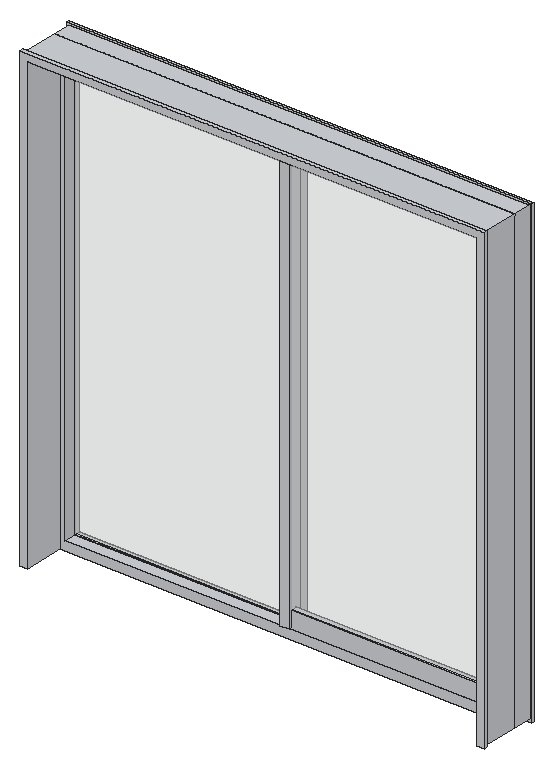
Revit family "APL Residential Thermal Heart Sliding Door SF", category Doors, host Wall, Revit 2017
Family settings
  Host = Wall
  OmniClass Number = 23.30.10.00
  OmniClass Title = Doors
  Always vertical = Yes
  Cut with Voids When Loaded = No
  Shared = No
  Room Calculation Point = No
Parameters (values of type "Architrave")
  Rough Width = 2500 mm
  Rough Height = 2500 mm
  Rebate Height [instance] = 69.5 mm
  Rebate [instance] = yes
  Liner Sill = yes
  Liner Head = yes
  Liner End [instance] = 10 mm
  Liner [instance] = 106.7 mm
  Jamb Liner 2 = yes
  Jamb Liner 1 = yes
  Groove [instance] = 10 mm
  Function = Interior
  Frame Width Sill = 15 mm
  Frame Projection Ext. = 13 mm
  Frame Projection Int. = 20 mm
  Frame Width = 17.306 mm
  Height = Rough Height - 12.5 mm  # 2487.5 mm
  Wall Closure = By host
  Width = Rough Width - 15 mm  # 2485 mm
  Reveal Liner = no
  Arrow Opening = yes
  Architrave = yes
  Analytic Construction = "<None>"
Reference planes
  plane 1: y = 0
  plane 2 "Center (Left/Right)": x = -43
  plane 3 "Left": x = -1293
  plane 4 "Right": x = 1207
  plane 5: z = 2500
  plane 6 "Exterior": y = 150
  plane 7 "Interior": y = -150
Forms (mm)
  Extrusion 1, solid, visible <- "Architrave"
    sketch origin (0, -150, 0) x (1, 0, 0) y (0, 0, 1)
      loop
        line (-1293, 2500) -> (-1293, 0) -> (-1264.896, 0) -> (-1264.896, 2471.896) -> (1178.896, 2471.896) -> (1178.896, 0) -> (1207, 0) -> (1207, 2500) -> (-1293, 2500)
    from 0 to -203.35
  Extrusion 2, solid, visible <- "Architrave"
    sketch origin (-60, -150, 0) x (1, 0, 0) y (0, 0, 1)
      loop
        line (-1244.5, 2511.5) -> (-1244.5, 0) -> (-1204.896, 0) -> (-1204.896, 2471.896) -> (1238.896, 2471.896) -> (1238.896, -0.049) -> (1278.5, -0.049) -> (1278.5, 2511.5) -> (-1244.5, 2511.5)
    from 19.85 to 0
  Sweep 3, solid, visible <- "Reveal Liner"
    path origin (0, -150, 0) x (1, 0, 0) y (0, 0, 1)
      loop
        line (-1293, -0.049) -> (-1293, 2500) -> (1207, 2500) -> (1207, -0.049)
    profile origin (-1293, -150, 1249.975) x (-1, 0, 0) y (0, -1, 0)
      loop
        line (-9.104, 19.85) -> (-28.104, 19.85) -> (-28.104, -203.35) -> (0, -203.35) -> (0, -0.15) -> (-14.669, -0.15) -> (-14.669, 9.85) -> (-9.104, 9.85) -> (-9.104, 19.85)
  Extrusion 4, solid
    sketch origin (0, 150, -2.978) x (1, 0, 0) y (0, 0, 1)
      loop
        line (1207, 2502.978) -> (-1293, 2502.978) -> (-1293, 2.978) -> (1207, 2.978) -> (1207, 2502.978)
      loop
        line (1156.5, 2451.975) -> (-1242.5, 2451.975) -> (-1242.5, 50.478) -> (1156.5, 50.478) -> (1156.5, 2451.975)
    from 24.316 to 96.65
  Sweep 5, solid
    path origin (0, 150, 0) x (1, 0, 0) y (0, 0, 1)
      loop
        line (1242.192, 2534.7) -> (-1328.208, 2534.7) -> (-1328.208, -38.2) -> (1242.192, -38.2) -> (1242.192, 2534.7)
    profile origin (-1328.208, 150, 1248.25) x (0, -1, 0) y (1, 0, 0)
      loop
        line (-12.35, 22.708) -> (0, 22.708) -> (0, 42.708) -> (26.25, 42.708) -> (26.25, 66.708) -> (-18.35, 66.708) -> (-18.35, 43.708) -> (-12.35, 37.708) -> (-12.35, 22.708)
  Extrusion 6, solid
    sketch origin (-43, 0, 0) x (0, 1, 0) y (0, 0, 1)
      loop
        line (94.38, 2448.998) -> (59.9, 2448.998) -> (59.9, 2386.995) -> (94.38, 2386.995) -> (94.38, 2448.998)
    from 25.41 to 1146.259
  Extrusion 7, solid
    sketch origin (-43, 0, 2243.4) x (0, 1, 0) y (0, 0, 1)
      loop
        line (95.951, -2195.899) -> (95.951, -2105.099) -> (59.95, -2105.099) -> (59.95, -2195.899) -> (95.951, -2195.899)
    from 25.41 to 1146.259
  Extrusion 8, solid
    sketch origin (0, 0, 0) x (1, 0, 0) y (0, 1, 0)
      loop
        line (1156.5, 95.951) -> (1103.259, 95.951) -> (1103.259, 59.95) -> (1156.5, 59.95) -> (1156.5, 95.951)
    from 47.5 to 2448.998
  Extrusion 9, solid
    sketch origin (0, 0, 0) x (1, 0, 0) y (0, 1, 0)
      loop
        line (-17.59, 90.65) -> (-17.59, 66.65) -> (1103.259, 66.65) -> (1103.259, 90.65) -> (-17.59, 90.65)
    from 138.3 to 2386.995
  Extrusion 10, solid
    sketch origin (0, 0, 0) x (1, 0, 0) y (0, 1, 0)
      loop
        line (-69.59, 128.85) -> (-69.59, 152.85) -> (-1242.5, 152.85) -> (-1242.5, 128.85) -> (-69.59, 128.85)
    from 47.5 to 2448.998
  Sweep 11, solid
    path origin (0, 150, 0) x (1, 0, 0) y (0, 0, 1)
      loop
        line (-69.59, 2449) -> (-1242.5, 2449) -> (-1242.5, 47.5) -> (-69.59, 47.5) -> (-69.59, 2449)
    profile origin (-1242.5, 150, 1248.25) x (0, -1, 0) y (1, 0, 0)
      loop
        line (-3.964, 0) -> (-18.35, -14.386) -> (-18.35, -19) -> (24.316, -19) -> (24.316, 0) -> (-3.964, 0)
  Extrusion 12, solid
    sketch origin (0, 0, 0) x (1, 0, 0) y (0, 1, 0)
      loop
        line (-17.59, 125.684) -> (-69.59, 125.684) -> (-69.59, 53.35) -> (-17.59, 53.35) -> (-17.59, 125.684)
    from 47.5 to 2448.998
  Extrusion 13, solid
    sketch origin (0, 0, 0) x (1, 0, 0) y (0, 1, 0)
      loop
        line (-50.59, 125.684) -> (-17.59, 125.684) -> (-17.59, 168.35) -> (-50.59, 168.35) -> (-50.59, 125.684)
    from 28.508 to 2468
  Sweep 14, solid
    path origin (0, 150, 0) x (1, 0, 0) y (0, 0, 1)
      loop
        line (-17.59, 2450.062) -> (1157.492, 2450.062) -> (1157.492, 46.5) -> (-17.59, 46.5)
    profile origin (1157.492, 150, 1248.281) x (0, -1, 0) y (1, 0, 0)
      loop
        line (24.316, 17.992) -> (-18.35, 17.992) -> (-18.35, 16.674) -> (24.316, -0.999) -> (24.316, 17.992)
  Extrusion 15, solid
    sketch origin (-15, 150, -2.978) x (1, 0, 0) y (0, 0, 1)
      loop
        line (1222, 2502.978) -> (-1278, 2502.978) -> (-1278, 2.978) -> (1222, 2.978) -> (1222, 2502.978)
      loop
        line (1214.5, 2494.978) -> (-1270.5, 2494.978) -> (-1270.5, 7.478) -> (1214.5, 7.478) -> (1214.5, 2494.978)
    from 0 to 24.316
Cuts and joins
  joined: Extrusion 1, Extrusion 2
  joined: Extrusion 4, Sweep 5, Sweep 14, Extrusion 15
Lines and regions (mm)
  Opening 1
    outline origin (-5000.306, -150, 0) x (1, 0, 0) y (0, 0, 1)
      loop
        line (6207.306, 2500) -> (3707.306, 2500) -> (3707.306, 0) -> (6207.306, 0) -> (6207.306, 2500)
  symbolic lines, style "DoorsOpeningProjection", visible <- "Arrow Opening"
    curve 1: line (747.149, 150, 1250) -> (247.149, 150, 1250)
    curve 2: line (247.149, 150, 1250) -> (343.742, 150, 1275.882)
  symbolic lines, style "DoorsOpeningProjection"
    curve 3: line (798.201, 207.712, 0) -> (298.201, 207.712, 0)
    curve 4: line (298.201, 207.712, 0) -> (394.794, 233.594, 0)
Text (mm)
  text "Exterior" at (-2295.016, 1652.778, 0), in view "Ref. Level"
  text "Exterior" at (0, 1615.38, 3698.081), in view "Left"
  text "Exterior" at (0, 1036.032, 3874.932), in view "Right"
Dimensions and locks
  equal spacing: plane 3 "Left", plane 2 "Center (Left/Right)", plane 4 "Right"
  "Rough Width": plane 3 "Left" to plane 4 "Right"
  "Rough Height": plane 5 to host wall
  locked: plane 6 "Exterior" to host wall at 0
  locked: plane 7 "Interior" to host wall
  level to plane 5 = 2500 mm
  level to nested 2 = 4.5 mm
  locked: nested 2 to plane 5 at 8
  equal spacing: level, curve 1, plane 5
  locked: plane 3 "Left" to nested 1 at 7.5
  nested 1 to plane 4 "Right" = 7.5 mm
  locked: Extrusion 8 to plane 5 at 51.002
  locked: Extrusion 6 to plane 5 at 113.005
  locked: Sweep 11 to plane 5 at 51
  locked: cut or joined group of Extrusion 4, Sweep 5, Sweep 14, Extrusion 15 to cut or joined group of Extrusion 4, Sweep 5, Sweep 14, Extrusion 15 at 50.5
  locked: plane 3 "Left" to cut or joined group of Extrusion 4, Sweep 5, Sweep 14, Extrusion 15 at 50.5
  locked: cut or joined group of Extrusion 4, Sweep 5, Sweep 14, Extrusion 15 to plane 3 "Left" at 12.5
  locked: plane 3 "Left" to Sweep 11 at 31.5
  locked: cut or joined group of Extrusion 1, Extrusion 2 to cut or joined group of Extrusion 1, Extrusion 2 at 28.104  (x2)
  locked: cut or joined group of Extrusion 4, Sweep 5, Sweep 14, Extrusion 15 to plane 6 "Exterior" at 96.65
  cut or joined group of Extrusion 4, Sweep 5, Sweep 14, Extrusion 15 to Extrusion 8 to Extrusion 9 to Extrusion 9 to Extrusion 8 to cut or joined group of Extrusion 4, Sweep 5, Sweep 14, Extrusion 15 to plane 6 "Exterior" to Sweep 14 = 6.6 mm locked, 6.7 mm locked, 24 mm locked, 5.301 mm locked, 29.733 mm, 24.316 mm, 18.35 mm locked
  locked: Extrusion 8 to cut or joined group of Extrusion 4, Sweep 5, Sweep 14, Extrusion 15 at 53.241
  Extrusion 12 to plane 2 "Center (Left/Right)" to Extrusion 12 = 26.59 mm locked, 25.41 mm locked
  locked: cut or joined group of Extrusion 4, Sweep 5, Sweep 14, Extrusion 15 to plane 4 "Right" at 50.5
  plane 6 "Exterior" to Extrusion 6 to Extrusion 6 = 55.62 mm locked, 34.48 mm locked
  locked: Extrusion 13 to plane 5 at 32
  locked: curve 3 to curve 3 at 500
  locked: curve 4 to curve 4 at 100
  locked: curve 3 to curve 4 (angle 15.00°)
  aligned and locked: host wall to plane 1
  aligned and locked: Extrusion 6 to Extrusion 9
  aligned and locked: Extrusion 15 to level
  aligned and locked: Extrusion 9 to Extrusion 6
  aligned and locked: Extrusion 6 to Extrusion 10
  aligned and locked: Extrusion 6 to Extrusion 8  (x2)
  aligned and locked: Extrusion 7 to Extrusion 8  (x2)
  aligned and locked: cut or joined group of Extrusion 4, Sweep 5, Sweep 14, Extrusion 15 to Extrusion 12
  aligned and locked: Sweep 3 sketch curve to cut or joined group of Extrusion 4, Sweep 5, Sweep 14, Extrusion 15
  aligned and locked: Extrusion 4 to Sweep 14
  aligned and locked: Extrusion 15 to Extrusion 4
  aligned and locked: Extrusion 1 to Sweep 3  (x2)
  aligned and locked: Extrusion 8 to Extrusion 9
  aligned and locked: Extrusion 1 to level
  aligned and locked: Extrusion 1 to Extrusion 2
  aligned and locked: Extrusion 12 to Extrusion 6
Automatic sketch dimensions
  plane 2 "Center (Left/Right)" to curve 1 = 290.149 mm
  curve 1 to curve 2 = 96.593 mm
  curve 2 to curve 1 = 403.407 mm
  curve 1 to curve 2 = 25.882 mm
  plane 3 "Left" to Opening 1 sketch curve = 0 mm
  Opening 1 sketch curve to level = 0 mm
  plane 4 "Right" to Opening 1 sketch curve = 0 mm
  Opening 1 sketch curve to plane 5 = 0 mm
  Extrusion 1 sketch curve to level = 0 mm
  plane 3 "Left" to Extrusion 1 sketch curve = 0 mm
  plane 4 "Right" to Extrusion 1 sketch curve = 0 mm
  Extrusion 1 sketch curve to plane 5 = 0 mm
  Extrusion 1 sketch curve to Extrusion 1 sketch curve = 28.104 mm
  plane 4 "Right" to Extrusion 1 sketch curve = 28.104 mm
  level to Extrusion 1 sketch curve = 0 mm
  plane 5 to Extrusion 1 sketch curve = 28.104 mm
  Extrusion 2 sketch curve to level = 0 mm
  plane 3 "Left" to Extrusion 2 sketch curve = 11.5 mm
  Extrusion 2 sketch curve to plane 3 "Left" = 28.104 mm
  plane 4 "Right" to Extrusion 2 sketch curve = 28.104 mm
  Extrusion 2 sketch curve to plane 4 "Right" = 11.5 mm
  Extrusion 2 sketch curve to level = 0.049 mm
  plane 5 to Extrusion 2 sketch curve = 28.104 mm
  Extrusion 2 sketch curve to plane 5 = 11.5 mm
  plane 3 "Left" to Sweep 3 sketch curve = 0 mm
  plane 4 "Right" to Sweep 3 sketch curve = 0 mm
  Sweep 3 sketch curve to plane 5 = 0 mm
  Sweep 3 sketch curve to level = 0.049 mm  (x2)
  plane 3 "Left" to Extrusion 4 sketch curve = 0 mm
  plane 4 "Right" to Extrusion 4 sketch curve = 0 mm
  Extrusion 4 sketch curve to level = 0 mm
  Extrusion 4 sketch curve to plane 5 = 0 mm
  Extrusion 4 sketch curve to plane 3 "Left" = 50.5 mm
  plane 4 "Right" to Extrusion 4 sketch curve = 50.5 mm
  level to Extrusion 4 sketch curve = 47.5 mm
  plane 5 to Extrusion 4 sketch curve = 51.002 mm
  plane 3 "Left" to Sweep 5 sketch curve = 35.208 mm
  Sweep 5 sketch curve to plane 4 "Right" = 35.192 mm
  Sweep 5 sketch curve to level = 38.2 mm
  Sweep 5 sketch curve to plane 5 = 34.7 mm
  plane 6 "Exterior" to Sweep 5 sketch curve = 0 mm
  Sweep 5 sketch curve to Sweep 5 sketch curve = 12.35 mm
  Sweep 5 sketch curve to plane 6 "Exterior" = 18.35 mm
  plane 6 "Exterior" to Sweep 5 sketch curve = 26.25 mm
  Sweep 5 sketch curve to profile plane = 22.708 mm
  Sweep 5 sketch curve to Sweep 5 sketch curve = 15 mm
  Sweep 5 sketch curve to Sweep 5 sketch curve = 20 mm
  Sweep 5 sketch curve to Sweep 5 sketch curve = 6 mm
  Sweep 5 sketch curve to Sweep 5 sketch curve = 23 mm
  Extrusion 6 sketch curve to host wall = 59.9 mm
  Extrusion 6 sketch curve to Extrusion 6 sketch curve = 34.48 mm
  plane 5 to Extrusion 6 sketch curve = 113.005 mm
  plane 5 to Extrusion 6 sketch curve = 51.002 mm
  host wall to Extrusion 7 sketch curve = 59.95 mm
  Extrusion 7 sketch curve to Extrusion 7 sketch curve = 36.001 mm
  Extrusion 7 sketch curve to level = 138.3 mm
  Extrusion 7 sketch curve to level = 47.5 mm
  Extrusion 8 sketch curve to host wall = 95.951 mm
  plane 4 "Right" to Extrusion 8 sketch curve = 103.741 mm
  Extrusion 8 sketch curve to host wall = 59.95 mm
  plane 4 "Right" to Extrusion 8 sketch curve = 50.5 mm
  plane 2 "Center (Left/Right)" to Extrusion 9 sketch curve = 25.41 mm
  Extrusion 9 sketch curve to host wall = 66.65 mm
  plane 4 "Right" to Extrusion 9 sketch curve = 103.741 mm
  Extrusion 9 sketch curve to Extrusion 9 sketch curve = 24 mm
  Extrusion 10 sketch curve to host wall = 21.15 mm
  Extrusion 10 sketch curve to plane 3 "Left" = 50.5 mm
  host wall to Extrusion 10 sketch curve = 2.85 mm
  Extrusion 10 sketch curve to plane 2 "Center (Left/Right)" = 26.59 mm
  Sweep 11 sketch curve to plane 3 "Left" = 50.5 mm
  Sweep 11 sketch curve to plane 2 "Center (Left/Right)" = 26.59 mm
  level to Sweep 11 sketch curve = 47.5 mm
  plane 5 to Sweep 11 sketch curve = 51 mm
  Extrusion 12 sketch curve to plane 2 "Center (Left/Right)" = 26.59 mm
  Extrusion 12 sketch curve to host wall = 53.35 mm
  plane 2 "Center (Left/Right)" to Extrusion 12 sketch curve = 25.41 mm
  Extrusion 12 sketch curve to host wall = 24.316 mm
  Extrusion 13 sketch curve to plane 2 "Center (Left/Right)" = 7.59 mm
  plane 2 "Center (Left/Right)" to Extrusion 13 sketch curve = 25.41 mm
  Extrusion 13 sketch curve to host wall = 24.316 mm
  host wall to Extrusion 13 sketch curve = 18.35 mm
  plane 4 "Right" to Sweep 14 sketch curve = 49.508 mm
  level to Sweep 14 sketch curve = 46.5 mm
  plane 5 to Sweep 14 sketch curve = 49.938 mm
  plane 2 "Center (Left/Right)" to Sweep 14 sketch curve = 25.41 mm  (x2)
  Extrusion 15 sketch curve to plane 5 = 0 mm
  Extrusion 15 sketch curve to level = 0 mm
  plane 3 "Left" to Extrusion 15 sketch curve = 0 mm
  Extrusion 15 sketch curve to plane 3 "Left" = 7.5 mm
  plane 4 "Right" to Extrusion 15 sketch curve = 7.5 mm
  plane 4 "Right" to Extrusion 15 sketch curve = 0 mm
  level to Extrusion 15 sketch curve = 4.5 mm
  plane 5 to Extrusion 15 sketch curve = 8 mm
  Sweep 14 sketch curve to plane 6 "Exterior" = 18.35 mm
  Sweep 14 sketch curve to profile plane = 16.674 mm
  Sweep 14 sketch curve to Sweep 14 sketch curve = 1.318 mm
  profile plane to Sweep 14 sketch curve = 0.999 mm
  plane 6 "Exterior" to Sweep 14 sketch curve = 24.316 mm
  Sweep 11 sketch curve to profile plane = 0 mm
  Sweep 11 sketch curve to plane 6 "Exterior" = 18.35 mm
  Sweep 11 sketch curve to plane 6 "Exterior" = 3.964 mm
  plane 6 "Exterior" to Sweep 11 sketch curve = 24.316 mm
  profile plane to Sweep 11 sketch curve = 14.386 mm
  profile plane to Sweep 11 sketch curve = 19 mm
  Sweep 3 sketch curve to profile plane = 0 mm
  profile plane to Sweep 3 sketch curve = 9.104 mm
  Sweep 3 sketch curve to Sweep 3 sketch curve = 5.565 mm
  Sweep 3 sketch curve to Sweep 3 sketch curve = 28.104 mm
  Sweep 3 sketch curve to plane 7 "Interior" = 0.15 mm
  plane 7 "Interior" to Sweep 3 sketch curve = 9.85 mm
  Sweep 3 sketch curve to Sweep 3 sketch curve = 10 mm
  host wall to curve 3 = 57.712 mm
  plane 2 "Center (Left/Right)" to curve 3 = 341.201 mm
Nested families
  nested 1: "APL Residential Thermal Heart Sliding Door SF Horizontal Section" at (-785.417, 207.796, -15.492), Box Width <- "Width", Groove <- "Groove", Liner End <- "Liner End", Liner <- "Liner", type "Groove Liner"
    with Liner End 10 mm, Liner 106.7 mm, Groove 10 mm, Glass Length 1146.5 mm, Glass Fixed Length 1198.5 mm, Box Width 2485 mm
  nested 2: "APL Residential Thermal Heart Sliding Door SF Vertical Section" at (-1305.5, -227.596, 127.897) x (0, -1, 0) z (1, 0, 0), Box Height <- "Height", Liner <- "Liner", Groove <- "Groove", Liner End <- "Liner End", type "Groove Liner"
    with Liner End 10 mm, Liner 106.7 mm, Groove 10 mm, Glass Length 2269.6 mm, Box Height 2487.5 mm
Definition of nested family "APL Residential Thermal Heart Sliding Door SF Horizontal Section"
  Parameters (values of type "Groove Liner")
    Liner End [instance] = 10 mm
    Liner Block = Liner : Liner
    Liner [instance] = 100 mm
    Groove [instance] = 10 mm
    Glass Length [instance] = (Box Width / 2) - 96 mm  # 154 mm
    Glass Fixed Length [instance] = (Box Width / 2) - 44 mm  # 206 mm
    Box Width [instance] = 500 mm
  Types (2, lengths in mm): name | Liner Block
    Groove Liner | Liner : Liner
    Liner | Liner No Groove : Liner No Groove
  Reference planes
    plane 1 "Center (Front/Back)": y = 39.446
    plane 2: z = 0
    plane 3 "Center (Left/Right)": x = -250.083
    plane 4: x = -500.083
    plane 5: x = -0.083
    plane 6: y = 150.946
    plane 7: y = 150.946
    plane 8: x = 7.417
    plane 9: y = 57.796
  Dimensions and locks
    equal spacing: plane 4, plane 3 "Center (Left/Right)", plane 5
    "Box Width": plane 4 to plane 5
    "Liner": plane 6 to nested 1
    "Liner": plane 7 to nested 2
    plane 8 to plane 5 = 7.5 mm
    nested 3 to plane 3 "Center (Left/Right)" to nested 3 = 26.59 mm locked, 25.41 mm locked
    locked: nested 7 to nested 3 at 6.324
    locked: nested 3 to nested 8 at 6
    locked: nested 9 to nested 5 at 6
    locked: nested 9 to plane 5 at 83.24
    nested 7 to plane 3 "Center (Left/Right)" to nested 8 = 13.915 mm locked, 12.408 mm locked
    locked: nested 4 to nested 6 at 6.351
    locked: nested 4 to nested 6 at 30.351
    locked: nested 1 to nested 4 at 22.397
    locked: nested 5 to nested 2 at 22.397
    locked: nested 4 to nested 4 at 43
    nested 5 to plane 9 = 5 mm
    aligned and locked: nested 2 to plane 7
    aligned and locked: plane 5 to nested 5
  Nested families
    nested 1: "Liner" at (-479.48, 150.946, 0) x (0, 1, 0) z (0, 0, 1), type <- "Liner Block", type "Liner", in view "Ref. Level", detail levels fine
      with built-in parameter 1001306 0.32808 (stored number, unit not read)
    nested 2: "Liner" at (-20.687, 150.946, 0) x (0, 1, 0) z (0, 0, 1), type <- "Liner Block", type "Liner", in view "Ref. Level", detail levels fine
      with built-in parameter 1001306 0.32808 (stored number, unit not read)
    nested 3: "Interlocker" at (-250.083, 109.946, 0), type "Interlocker", in view "Ref. Level", detail levels fine
    nested 4: "Jamb Fixed" at (-500.083, 39.446, 0), type "Jamb Fixed", in view "Ref. Level", detail levels fine
    nested 5: "Jamb Stile" at (-0.083, 39.446, 0), type "Jamb Stile", in view "Ref. Level", detail levels fine
    nested 6: "Glazing Bead" at (-469.732, 54.946, 0) x (0, 1, 0) z (0, 0, 1), Glass Lenght <- "Glass Fixed Length", type "Glazing Bead", in view "Ref. Level", detail levels fine
      with Glass Lenght 206 mm
    nested 7: "Glazing Bead" at (-263.998, 54.946, 0) x (0, 1, 0) z (0, 0, 1), Glass Lenght <- "Glass Fixed Length", type "Glazing Bead", in view "Ref. Level", detail levels fine
      with Glass Lenght 206 mm
    nested 8: "Glass" at (-237.676, 117.147, 0) x (0, 1, 0) z (0, 0, 1), Glass Lenght <- "Glass Length", type "Glass", in view "Ref. Level", detail levels fine
      with Glass Lenght 154 mm
    nested 9: "Glass" at (-83.323, 117.147, 0) x (0, 1, 0) z (0, 0, 1), Glass Lenght <- "Glass Length", type "Glass", in view "Ref. Level", detail levels fine
      with Glass Lenght 154 mm
  Definition of nested family "Liner"
    Parameters (values of type "Liner")
      Type Image = (empty or 0)
      built-in parameter 1001306 [instance] = 100 mm
      Groove [instance] = 10 mm
      End Liner [instance] = 10 mm
    Reference planes
      plane 1 "Center (Front/Back)": y = 0
      plane 2: z = 0
      plane 3 "Left": x = 0
      plane 4 "Right": x = 100
    Lines and regions (mm)
      Filled region 1, type "Brick", in view "Ref. Level"
        outline origin (0, 0, 0) x (1, 0, 0) y (0, 1, 0)
          loop
            line (0, 0) -> (120, 0) -> (120, 19) -> (110, 19) -> (110, 13.435) -> (100, 13.435) -> (100, 19) -> (0, 19) -> (0, 0)
      reference lines, in view "Ref. Level"
        curve 1: line (0, 0, 0) -> (100, 0, 0)
      detail lines, in view "Ref. Level", detail levels fine
        curve 2: line (100, 0, 0) -> (0, 0, 0)
    Dimensions and locks
      "built-in parameter 1001306": plane 3 "Left" to plane 4 "Right"
      locked: Filled region 1 to curve 2 at 19
      "Groove": plane 4 "Right" to Filled region 1
      "End Liner": Filled region 1 to Filled region 1
      aligned and locked: plane 1 "Center (Front/Back)" to curve 1
      aligned and locked: plane 3 "Left" to curve 1
      aligned and locked: plane 4 "Right" to curve 1
      aligned and locked: curve 1 to Filled region 1
      aligned and locked: plane 1 "Center (Front/Back)" to Filled region 1
      aligned and locked: Filled region 1 to plane 3 "Left"
    Automatic sketch dimensions
      curve 2 to plane 4 "Right" = 0 mm
      Filled region 1 sketch curve to plane 3 "Left" = 0 mm
      Filled region 1 sketch curve to plane 4 "Right" = 0 mm
      Filled region 1 sketch curve to Filled region 1 sketch curve = 10 mm  (x2)
      Filled region 1 sketch curve to plane 1 "Center (Front/Back)" = 0 mm
      Filled region 1 sketch curve to plane 1 "Center (Front/Back)" = 13.435 mm
      Filled region 1 sketch curve to Filled region 1 sketch curve = 5.565 mm  (x2)
      curve 2 to plane 3 "Left" = 0 mm
  Definition of nested family "Interlocker"
    Reference planes
      plane 1 "Center (Front/Back)": y = 0
      plane 2: z = 0
      plane 3 "Center (Left/Right)": x = 0
    Lines and regions (mm)
      detail lines, in view "Ref. Level"
        curve 1: arc (-27.946, -29.718, 0) -> (-28.086, -30.028, 0) -> (-27.787, -30.191, 0) r 0.25
        curve 2: arc (-17.899, -30.164, 0) -> (-17.6, -30.002, 0) -> (-17.74, -29.692, 0) r 0.25
        curve 3: line (-27.787, -30.191, 0) -> (-23.919, -29.197, 0)
        curve 4: line (-23.919, -29.197, 0) -> (-23.34, -30.2, 0)
        curve 5: line (-23.34, -30.2, 0) -> (-22.34, -30.2, 0)
        curve 6: line (-22.34, -30.2, 0) -> (-21.748, -29.175, 0)
        curve 7: line (-21.748, -29.175, 0) -> (-17.899, -30.164, 0)
        curve 8: line (-17.74, -29.692, 0) -> (-21.84, -27.968, 0)
        curve 9: line (-21.84, -27.968, 0) -> (-21.84, -26.7, 0)
        curve 10: line (-21.84, -26.7, 0) -> (-20.59, -26.7, 0)
        curve 11: line (-20.59, -26.7, 0) -> (-20.59, -25.7, 0)
        curve 12: line (-20.59, -25.7, 0) -> (-25.09, -25.7, 0)
        curve 13: line (-25.09, -25.7, 0) -> (-25.09, -26.7, 0)
        curve 14: line (-25.09, -26.7, 0) -> (-23.84, -26.7, 0)
        curve 15: line (-23.84, -26.7, 0) -> (-23.84, -27.992, 0)
        curve 16: line (-23.84, -27.992, 0) -> (-27.946, -29.718, 0)
      detail lines, in view "Ref. Level", not visible
        curve 17: arc (33.161, -9.933, 0) -> (32.851, -9.793, 0) -> (32.689, -10.092, 0) r 0.25
        curve 18: arc (32.715, -19.98, 0) -> (32.877, -20.279, 0) -> (33.188, -20.139, 0) r 0.25
        curve 19: line (32.689, -10.092, 0) -> (33.683, -13.959, 0)
        curve 20: line (33.683, -13.959, 0) -> (32.679, -14.539, 0)
        curve 21: line (32.679, -14.539, 0) -> (32.679, -15.539, 0)
        curve 22: line (32.679, -15.539, 0) -> (33.705, -16.131, 0)
        curve 23: line (33.705, -16.131, 0) -> (32.715, -19.98, 0)
        curve 24: line (33.188, -20.139, 0) -> (34.912, -16.039, 0)
        curve 25: line (34.912, -16.039, 0) -> (36.179, -16.039, 0)
        curve 26: line (36.179, -16.039, 0) -> (36.179, -17.289, 0)
        curve 27: line (36.179, -17.289, 0) -> (37.179, -17.289, 0)
        curve 28: line (37.179, -17.289, 0) -> (37.179, -12.789, 0)
        curve 29: line (37.179, -12.789, 0) -> (36.179, -12.789, 0)
        curve 30: line (36.179, -12.789, 0) -> (36.179, -14.039, 0)
        curve 31: line (36.179, -14.039, 0) -> (34.887, -14.039, 0)
        curve 32: line (34.887, -14.039, 0) -> (33.161, -9.933, 0)
    Nested families
      nested 1: "65500_Interlocker Stile" at (-26.59, -6.05, 0) x (-1, 0, 0) z (0, 0, 1), type "65500_Interlocker Stile", in view "Ref. Level"
      nested 2: "65420_Interlocker Mullion" at (25.41, -70.5, 0), type "65420_Interlocker Mullion", in view "Ref. Level"
    Definition of nested family "65500_Interlocker Stile"
      Reference planes
        plane 1 "Center (Front/Back)": y = 0
        plane 2: z = 0
        plane 3 "Center (Left/Right)": x = 0
      Lines and regions (mm)
        model lines, in view "Ref. Level"
          curve 1: arc (-13.564, 1.218, 0) -> (-13.278, 1.262, 0) -> (-13.162, 1.526, 0) r 0.3
          curve 2: arc (-13.369, 3.892, 0) -> (-13.396, 3.992, 0) -> (-13.456, 4.078, 0) r 0.3
          curve 3: arc (-13.819, 4.441, 0) -> (-14.013, 4.493, 0) -> (-14.154, 4.352, 0) r 0.2
          curve 4: arc (-14.199, 4.184, 0) -> (-14.251, 4.095, 0) -> (-14.34, 4.043, 0) r 0.2
          curve 5: arc (-16.561, 3.5, 0) -> (-16.841, 3.693, 0) -> (-16.761, 4.024, 0) r 0.3
          curve 6: arc (-16.761, 4.024, 0) -> (-16.687, 4.125, 0) -> (-16.661, 4.247, 0) r 0.3
          curve 7: arc (-16.855, 8.25, 0) -> (-16.819, 8.422, 0) -> (-16.661, 8.5, 0) r 0.2
          curve 8: arc (-16.14, 8.5, 0) -> (-16.059, 8.489, 0) -> (-15.983, 8.456, 0) r 0.3
          curve 9: arc (-14.73, 7.691, 0) -> (-14.733, 7.521, 0) -> (-14.627, 7.389, 0) r 0.25
          curve 10: arc (-14.541, 7.337, 0) -> (-14.289, 7.332, 0) -> (-14.161, 7.549, 0) r 0.25
          curve 11: arc (-14.161, 7.8, 0) -> (-14.102, 7.941, 0) -> (-13.961, 8, 0) r 0.2
          curve 12: arc (-13.688, 8, 0) -> (-13.573, 8.036, 0) -> (-13.5, 8.132, 0) r 0.2
          curve 13: arc (-13.266, 8.775, 0) -> (-13.244, 8.859, 0) -> (-13.236, 8.946, 0) r 0.5
          curve 14: arc (-13.236, 9.9, 0) -> (-13.382, 10.254, 0) -> (-13.736, 10.4, 0) r 0.5
          curve 15: arc (-24.052, 10.4, 0) -> (-24.41, 10.544, 0) -> (-24.559, 10.9, 0) r 0.5
          curve 16: arc (-24.559, 14.446, 0) -> (-24.704, 14.802, 0) -> (-25.059, 14.95, 0) r 0.5
          curve 17: arc (-27.408, 14.95, 0) -> (-27.627, 14.823, 0) -> (-27.622, 14.57, 0) r 0.25
          curve 18: arc (-27.57, 14.484, 0) -> (-27.437, 14.378, 0) -> (-27.268, 14.381, 0) r 0.25
          curve 19: arc (-26.503, 13.127, 0) -> (-26.47, 13.052, 0) -> (-26.459, 12.971, 0) r 0.3
          curve 20: arc (-26.459, 12.45, 0) -> (-26.536, 12.292, 0) -> (-26.709, 12.256, 0) r 0.2
          curve 21: arc (-30.711, 12.45, 0) -> (-30.834, 12.424, 0) -> (-30.935, 12.35, 0) r 0.3
          curve 22: arc (-30.935, 12.35, 0) -> (-31.266, 12.27, 0) -> (-31.459, 12.55, 0) r 0.3
          curve 23: arc (-30.916, 14.771, 0) -> (-30.864, 14.86, 0) -> (-30.774, 14.912, 0) r 0.2
          curve 24: arc (-30.607, 14.957, 0) -> (-30.465, 15.098, 0) -> (-30.517, 15.291, 0) r 0.2
          curve 25: arc (-30.881, 15.655, 0) -> (-30.966, 15.715, 0) -> (-31.067, 15.742, 0) r 0.3
          curve 26: arc (-33.432, 15.949, 0) -> (-33.697, 15.833, 0) -> (-33.741, 15.547, 0) r 0.3
          curve 27: arc (-33.227, 14.137, 0) -> (-33.14, 14.011, 0) -> (-33.002, 13.945, 0) r 0.3
          curve 28: arc (-33.002, 13.945, 0) -> (-32.759, 13.672, 0) -> (-32.959, 13.367, 0) r 0.3
          curve 29: arc (-32.959, 12.624, 0) -> (-33.017, 12.482, 0) -> (-33.159, 12.424, 0) r 0.2
          curve 30: arc (-35.159, 12.424, 0) -> (-35.512, 12.277, 0) -> (-35.659, 11.924, 0) r 0.5
          curve 31: arc (-35.659, 10.05, 0) -> (-35.717, 9.908, 0) -> (-35.859, 9.85, 0) r 0.2
          curve 32: arc (-45.581, 9.85, 0) -> (-45.935, 9.996, 0) -> (-46.081, 10.349, 0) r 0.499
          curve 33: arc (-46.081, 10.75, 0) -> (-45.935, 11.104, 0) -> (-45.581, 11.25, 0) r 0.5
          curve 34: arc (-44.831, 11.25, 0) -> (-44.69, 11.309, 0) -> (-44.631, 11.45, 0) r 0.2
          curve 35: arc (-44.631, 12.05, 0) -> (-44.69, 12.191, 0) -> (-44.831, 12.25, 0) r 0.2
          curve 36: arc (-47.931, 12.25, 0) -> (-48.072, 12.191, 0) -> (-48.131, 12.05, 0) r 0.2
          curve 37: arc (-48.131, 11.45, 0) -> (-48.072, 11.309, 0) -> (-47.931, 11.25, 0) r 0.2
          curve 38: arc (-47.581, 11.25, 0) -> (-47.44, 11.191, 0) -> (-47.381, 11.05, 0) r 0.2
          curve 39: arc (-47.381, 10.45, 0) -> (-47.44, 10.309, 0) -> (-47.581, 10.25, 0) r 0.2
          curve 40: arc (-47.931, 10.25, 0) -> (-48.072, 10.191, 0) -> (-48.131, 10.05, 0) r 0.2
          curve 41: arc (-48.131, 9.749, 0) -> (-48.277, 9.395, 0) -> (-48.631, 9.249, 0) r 0.5
          curve 42: arc (-49.631, 9.249, 0) -> (-49.985, 9.395, 0) -> (-50.131, 9.749, 0) r 0.5
          curve 43: arc (-50.131, 10.05, 0) -> (-50.19, 10.191, 0) -> (-50.331, 10.25, 0) r 0.2
          curve 44: arc (-50.681, 10.25, 0) -> (-50.822, 10.309, 0) -> (-50.881, 10.45, 0) r 0.2
          curve 45: arc (-50.881, 11.05, 0) -> (-50.822, 11.191, 0) -> (-50.681, 11.25, 0) r 0.2
          curve 46: arc (-50.331, 11.25, 0) -> (-50.19, 11.309, 0) -> (-50.131, 11.45, 0) r 0.2
          curve 47: arc (-50.131, 12.05, 0) -> (-50.19, 12.191, 0) -> (-50.331, 12.25, 0) r 0.2
          curve 48: arc (-51.761, 12.25, 0) -> (-51.902, 12.191, 0) -> (-51.961, 12.05, 0) r 0.2
          curve 49: arc (-52.336, 8.799, 0) -> (-52.711, 8.424, 0) -> (-52.336, 8.049, 0) r 0.375
          curve 50: arc (-33.059, 8.05, 0) -> (-32.559, 8.55, 0) -> (-33.059, 9.05, 0) r 0.5
          curve 51: arc (-33.959, 9.05, 0) -> (-34.1, 9.109, 0) -> (-34.159, 9.25, 0) r 0.2
          curve 52: arc (-34.159, 10.35, 0) -> (-34.1, 10.491, 0) -> (-33.959, 10.55, 0) r 0.2
          curve 53: arc (-26.659, 10.55, 0) -> (-26.517, 10.491, 0) -> (-26.459, 10.35, 0) r 0.2
          curve 54: arc (-26.459, 9.25, 0) -> (-26.517, 9.109, 0) -> (-26.659, 9.05, 0) r 0.2
          curve 55: arc (-27.559, 9.05, 0) -> (-28.059, 8.55, 0) -> (-27.559, 8.05, 0) r 0.5
          curve 56: arc (-19.061, 8.05, 0) -> (-18.707, 7.904, 0) -> (-18.561, 7.55, 0) r 0.5
          curve 57: arc (-18.561, 2.6, 0) -> (-18.854, 1.893, 0) -> (-19.561, 1.6, 0) r 1
          curve 58: arc (-28.809, 1.6, 0) -> (-29.609, 0.8, 0) -> (-28.809, 0, 0) r 0.8
          curve 59: arc (-17.661, 0, 0) -> (-16.954, 0.293, 0) -> (-16.661, 1, 0) r 1
          curve 60: arc (-16.661, 1.8, 0) -> (-16.602, 1.941, 0) -> (-16.461, 2, 0) r 0.2
          curve 61: arc (-15.744, 2, 0) -> (-15.438, 2.199, 0) -> (-15.166, 1.957, 0) r 0.3
          curve 62: arc (-15.166, 1.957, 0) -> (-15.1, 1.819, 0) -> (-14.974, 1.732, 0) r 0.3
          curve 63: line (-13.162, 1.526, 0) -> (-13.369, 3.892, 0)
          curve 64: line (-13.456, 4.078, 0) -> (-13.819, 4.441, 0)
          curve 65: line (-14.154, 4.352, 0) -> (-14.199, 4.184, 0)
          curve 66: line (-14.199, 4.184, 0) -> (-16.329, 3.51, 0)
          curve 67: line (-16.329, 3.51, 0) -> (-16.561, 3.5, 0)
          curve 68: line (-16.661, 4.247, 0) -> (-16.661, 7.475, 0)
          curve 69: line (-16.661, 7.475, 0) -> (-16.855, 8.25, 0)
          curve 70: line (-16.661, 8.5, 0) -> (-16.14, 8.5, 0)
          curve 71: line (-16.14, 8.5, 0) -> (-14.73, 7.691, 0)
          curve 72: line (-14.161, 7.549, 0) -> (-14.161, 7.8, 0)
          curve 73: line (-13.961, 8, 0) -> (-13.688, 8, 0)
          curve 74: line (-13.5, 8.132, 0) -> (-13.266, 8.775, 0)
          curve 75: line (-13.236, 8.946, 0) -> (-13.236, 9.9, 0)
          curve 76: line (-13.736, 10.4, 0) -> (-24.052, 10.4, 0)
          curve 77: line (-24.559, 10.9, 0) -> (-24.559, 14.446, 0)
          curve 78: line (-25.059, 14.95, 0) -> (-27.408, 14.95, 0)
          curve 79: line (-27.268, 14.381, 0) -> (-26.503, 13.127, 0)
          curve 80: line (-26.503, 13.127, 0) -> (-26.459, 12.45, 0)
          curve 81: line (-26.709, 12.256, 0) -> (-27.459, 12.45, 0)
          curve 82: line (-27.434, 12.444, 0) -> (-30.711, 12.45, 0)
          curve 83: line (-31.459, 12.704, 0) -> (-30.916, 14.771, 0)
          curve 84: line (-30.916, 14.771, 0) -> (-30.607, 14.957, 0)
          curve 85: line (-30.517, 15.291, 0) -> (-30.881, 15.655, 0)
          curve 86: line (-31.067, 15.742, 0) -> (-33.432, 15.949, 0)
          curve 87: line (-33.741, 15.547, 0) -> (-33.227, 14.137, 0)
          curve 88: line (-32.959, 13.367, 0) -> (-32.959, 12.624, 0)
          curve 89: line (-33.159, 12.424, 0) -> (-35.159, 12.424, 0)
          curve 90: line (-35.659, 11.924, 0) -> (-35.659, 10.05, 0)
          curve 91: line (-35.859, 9.85, 0) -> (-45.581, 9.85, 0)
          curve 92: line (-46.081, 10.349, 0) -> (-46.081, 10.75, 0)
          curve 93: line (-45.581, 11.25, 0) -> (-44.831, 11.25, 0)
          curve 94: line (-44.631, 11.45, 0) -> (-44.631, 12.05, 0)
          curve 95: line (-44.831, 12.25, 0) -> (-47.931, 12.25, 0)
          curve 96: line (-48.131, 12.05, 0) -> (-48.131, 11.45, 0)
          curve 97: line (-47.931, 11.25, 0) -> (-47.581, 11.25, 0)
          curve 98: line (-47.381, 11.05, 0) -> (-47.381, 10.45, 0)
          curve 99: line (-47.581, 10.25, 0) -> (-47.931, 10.25, 0)
          curve 100: line (-48.131, 10.05, 0) -> (-48.131, 9.749, 0)
          curve 101: line (-48.631, 9.249, 0) -> (-49.631, 9.249, 0)
          curve 102: line (-50.131, 9.749, 0) -> (-50.131, 10.05, 0)
          curve 103: line (-50.331, 10.25, 0) -> (-50.681, 10.25, 0)
          curve 104: line (-50.881, 10.45, 0) -> (-50.881, 11.05, 0)
          curve 105: line (-50.681, 11.25, 0) -> (-50.331, 11.25, 0)
          curve 106: line (-50.131, 11.45, 0) -> (-50.131, 12.05, 0)
          curve 107: line (-50.331, 12.25, 0) -> (-51.761, 12.25, 0)
          curve 108: line (-51.961, 12.05, 0) -> (-51.961, 8.799, 0)
          curve 109: line (-51.961, 8.799, 0) -> (-52.336, 8.799, 0)
          curve 110: line (-52.336, 8.049, 0) -> (-33.059, 8.049, 0)
          curve 111: line (-33.059, 9.05, 0) -> (-33.959, 9.05, 0)
          curve 112: line (-34.159, 9.25, 0) -> (-34.159, 10.35, 0)
          curve 113: line (-33.959, 10.55, 0) -> (-26.659, 10.55, 0)
          curve 114: line (-26.459, 10.35, 0) -> (-26.459, 9.25, 0)
          curve 115: line (-26.659, 9.05, 0) -> (-27.559, 9.05, 0)
          curve 116: line (-27.559, 8.05, 0) -> (-19.061, 8.05, 0)
          curve 117: line (-18.561, 7.55, 0) -> (-18.561, 2.6, 0)
          curve 118: line (-19.561, 1.6, 0) -> (-28.809, 1.6, 0)
          curve 119: line (-28.809, 0, 0) -> (-17.661, 0, 0)
          curve 120: line (-16.661, 1, 0) -> (-16.661, 1.8, 0)
          curve 121: line (-16.461, 2, 0) -> (-15.744, 2, 0)
          curve 122: line (-14.974, 1.732, 0) -> (-13.564, 1.218, 0)
          curve 123: arc (-31.398, 41.7, 0) -> (-31.251, 42.054, 0) -> (-30.898, 42.2, 0) r 0.5
          curve 124: arc (-2.1, 42.2, 0) -> (-1.746, 42.054, 0) -> (-1.6, 41.7, 0) r 0.5
          curve 125: arc (-1.6, 10.9, 0) -> (-1.746, 10.546, 0) -> (-2.1, 10.4, 0) r 0.5
          curve 126: arc (-4.86, 10.4, 0) -> (-5.213, 10.254, 0) -> (-5.36, 9.9, 0) r 0.5
          curve 127: arc (-5.36, 9.042, 0) -> (-5.352, 8.955, 0) -> (-5.33, 8.871, 0) r 0.5
          curve 128: arc (-5.061, 8.132, 0) -> (-4.987, 8.036, 0) -> (-4.873, 8, 0) r 0.2
          curve 129: arc (-4.6, 8, 0) -> (-4.459, 7.941, 0) -> (-4.4, 7.8, 0) r 0.2
          curve 130: arc (-4.4, 7.55, 0) -> (-4.272, 7.332, 0) -> (-4.02, 7.337, 0) r 0.25
          curve 131: arc (-3.934, 7.389, 0) -> (-3.828, 7.521, 0) -> (-3.831, 7.691, 0) r 0.25
          curve 132: arc (-2.577, 8.456, 0) -> (-2.502, 8.489, 0) -> (-2.421, 8.5, 0) r 0.3
          curve 133: arc (-1.9, 8.5, 0) -> (-1.742, 8.422, 0) -> (-1.706, 8.25, 0) r 0.2
          curve 134: arc (-1.9, 4.247, 0) -> (-1.874, 4.125, 0) -> (-1.8, 4.024, 0) r 0.3
          curve 135: arc (-1.8, 4.024, 0) -> (-1.72, 3.693, 0) -> (-2, 3.5, 0) r 0.3
          curve 136: arc (-4.221, 4.043, 0) -> (-4.31, 4.095, 0) -> (-4.362, 4.184, 0) r 0.2
          curve 137: arc (-4.407, 4.352, 0) -> (-4.548, 4.493, 0) -> (-4.741, 4.441, 0) r 0.2
          curve 138: arc (-5.105, 4.078, 0) -> (-5.165, 3.992, 0) -> (-5.192, 3.892, 0) r 0.3
          curve 139: arc (-5.399, 1.526, 0) -> (-5.283, 1.262, 0) -> (-4.997, 1.218, 0) r 0.3
          curve 140: arc (-3.587, 1.732, 0) -> (-3.461, 1.819, 0) -> (-3.395, 1.957, 0) r 0.3
          curve 141: arc (-3.395, 1.957, 0) -> (-3.122, 2.199, 0) -> (-2.817, 2, 0) r 0.3
          curve 142: arc (-2.1, 2, 0) -> (-1.959, 1.941, 0) -> (-1.9, 1.8, 0) r 0.2
          curve 143: arc (-1.9, 1, 0) -> (-1.607, 0.293, 0) -> (-0.9, 0, 0) r 1
          curve 144: arc (-0.5, 0, 0) -> (-0.146, 0.146, 0) -> (0, 0.5, 0) r 0.5
          curve 145: arc (0, 43, 0) -> (-0.293, 43.707, 0) -> (-1, 44, 0) r 1
          curve 146: arc (-52.375, 44, 0) -> (-52.75, 43.625, 0) -> (-52.375, 43.25, 0) r 0.375
          curve 147: arc (-52, 42.15, 0) -> (-51.941, 42.009, 0) -> (-51.8, 41.95, 0) r 0.2
          curve 148: arc (-50.962, 40.688, 0) -> (-50.917, 40.558, 0) -> (-50.797, 40.488, 0) r 0.2
          curve 149: arc (-48.613, 40.25, 0) -> (-48.454, 40.328, 0) -> (-48.42, 40.502, 0) r 0.2
          curve 150: arc (-48.808, 41.948, 0) -> (-48.773, 42.122, 0) -> (-48.615, 42.2, 0) r 0.2
          curve 151: arc (-33.498, 42.2, 0) -> (-33.144, 42.054, 0) -> (-32.998, 41.7, 0) r 0.5
          curve 152: arc (-32.998, 35.05, 0) -> (-32.939, 34.909, 0) -> (-32.798, 34.85, 0) r 0.2
          curve 153: arc (-26.398, 34.85, 0) -> (-26.256, 34.792, 0) -> (-26.198, 34.65, 0) r 0.2
          curve 154: arc (-26.198, 29.353, 0) -> (-26.255, 29.21, 0) -> (-26.398, 29.15, 0) r 0.2
          curve 155: arc (-32.798, 29.15, 0) -> (-32.939, 29.091, 0) -> (-32.998, 28.95, 0) r 0.2
          curve 156: arc (-32.998, 26.333, 0) -> (-32.799, 26.028, 0) -> (-33.041, 25.755, 0) r 0.3
          curve 157: arc (-33.041, 25.755, 0) -> (-33.179, 25.689, 0) -> (-33.266, 25.563, 0) r 0.3
          curve 158: arc (-33.78, 24.153, 0) -> (-33.736, 23.867, 0) -> (-33.472, 23.751, 0) r 0.3
          curve 159: arc (-31.106, 23.958, 0) -> (-31.005, 23.985, 0) -> (-30.92, 24.045, 0) r 0.3
          curve 160: arc (-30.556, 24.409, 0) -> (-30.505, 24.602, 0) -> (-30.646, 24.743, 0) r 0.2
          curve 161: arc (-30.813, 24.788, 0) -> (-30.903, 24.84, 0) -> (-30.955, 24.929, 0) r 0.2
          curve 162: arc (-31.498, 27.15, 0) -> (-31.305, 27.43, 0) -> (-30.974, 27.35, 0) r 0.3
          curve 163: arc (-30.974, 27.35, 0) -> (-30.873, 27.276, 0) -> (-30.75, 27.25, 0) r 0.3
          curve 164: arc (-26.748, 27.444, 0) -> (-26.575, 27.408, 0) -> (-26.498, 27.25, 0) r 0.2
          curve 165: arc (-26.498, 26.729, 0) -> (-26.509, 26.648, 0) -> (-26.542, 26.573, 0) r 0.3
          curve 166: arc (-27.307, 25.319, 0) -> (-27.477, 25.322, 0) -> (-27.609, 25.216, 0) r 0.25
          curve 167: arc (-27.661, 25.13, 0) -> (-27.666, 24.878, 0) -> (-27.448, 24.75, 0) r 0.25
          curve 168: arc (-25.098, 24.75, 0) -> (-24.744, 24.896, 0) -> (-24.598, 25.25, 0) r 0.5
          curve 169: arc (-24.598, 36.25, 0) -> (-24.656, 36.391, 0) -> (-24.798, 36.45, 0) r 0.2
          curve 170: line (-31.398, 36.65, 0) -> (-31.398, 41.7, 0)
          curve 171: line (-30.898, 42.2, 0) -> (-2.1, 42.2, 0)
          curve 172: line (-1.6, 41.7, 0) -> (-1.6, 10.9, 0)
          curve 173: line (-2.1, 10.4, 0) -> (-4.86, 10.4, 0)
          curve 174: line (-5.36, 9.9, 0) -> (-5.36, 9.042, 0)
          curve 175: line (-5.33, 8.871, 0) -> (-5.061, 8.132, 0)
          curve 176: line (-4.873, 8, 0) -> (-4.6, 8, 0)
          curve 177: line (-4.4, 7.8, 0) -> (-4.4, 7.55, 0)
          curve 178: line (-3.831, 7.691, 0) -> (-2.577, 8.456, 0)
          curve 179: line (-2.577, 8.456, 0) -> (-1.9, 8.5, 0)
          curve 180: line (-1.706, 8.25, 0) -> (-1.894, 7.525, 0)
          curve 181: line (-1.894, 7.525, 0) -> (-1.9, 4.247, 0)
          curve 182: line (-2.154, 3.5, 0) -> (-4.221, 4.043, 0)
          curve 183: line (-4.221, 4.043, 0) -> (-4.407, 4.352, 0)
          curve 184: line (-4.741, 4.441, 0) -> (-5.105, 4.078, 0)
          curve 185: line (-5.192, 3.892, 0) -> (-5.399, 1.526, 0)
          curve 186: line (-4.997, 1.218, 0) -> (-3.587, 1.732, 0)
          curve 187: line (-2.817, 2, 0) -> (-2.1, 2, 0)
          curve 188: line (-1.9, 1.8, 0) -> (-1.9, 1, 0)
          curve 189: line (-0.9, 0, 0) -> (-0.5, 0, 0)
          curve 190: line (0, 0.5, 0) -> (0, 43, 0)
          curve 191: line (-1, 44, 0) -> (-52.375, 44, 0)
          curve 192: line (-52.375, 43.25, 0) -> (-52, 43.25, 0)
          curve 193: line (-52, 43.25, 0) -> (-52, 42.15, 0)
          curve 194: line (-51.8, 41.95, 0) -> (-50.962, 41.95, 0)
          curve 195: line (-50.962, 41.95, 0) -> (-50.962, 40.688, 0)
          curve 196: line (-50.797, 40.488, 0) -> (-49.444, 40.25, 0)
          curve 197: line (-49.444, 40.25, 0) -> (-48.613, 40.25, 0)
          curve 198: line (-48.42, 40.502, 0) -> (-48.808, 41.948, 0)
          curve 199: line (-48.615, 42.2, 0) -> (-33.498, 42.2, 0)
          curve 200: line (-32.998, 41.7, 0) -> (-32.998, 35.05, 0)
          curve 201: line (-32.798, 34.85, 0) -> (-26.398, 34.85, 0)
          curve 202: line (-26.198, 34.65, 0) -> (-26.198, 29.353, 0)
          curve 203: line (-26.398, 29.15, 0) -> (-32.798, 29.15, 0)
          curve 204: line (-32.998, 28.95, 0) -> (-32.998, 26.333, 0)
          curve 205: line (-33.266, 25.563, 0) -> (-33.78, 24.153, 0)
          curve 206: line (-33.472, 23.751, 0) -> (-31.106, 23.958, 0)
          curve 207: line (-30.92, 24.045, 0) -> (-30.556, 24.409, 0)
          curve 208: line (-30.646, 24.743, 0) -> (-30.813, 24.788, 0)
          curve 209: line (-30.813, 24.788, 0) -> (-31.487, 26.918, 0)
          curve 210: line (-31.487, 26.918, 0) -> (-31.498, 27.15, 0)
          curve 211: line (-30.75, 27.25, 0) -> (-27.523, 27.25, 0)
          curve 212: line (-27.523, 27.25, 0) -> (-26.748, 27.444, 0)
          curve 213: line (-26.498, 27.25, 0) -> (-26.498, 26.729, 0)
          curve 214: line (-26.498, 26.729, 0) -> (-27.307, 25.319, 0)
          curve 215: line (-27.448, 24.75, 0) -> (-25.098, 24.75, 0)
          curve 216: line (-24.598, 25.25, 0) -> (-24.598, 36.25, 0)
          curve 217: line (-24.798, 36.45, 0) -> (-31.197, 36.45, 0)
          curve 218: arc (-31.197, 36.45, 0) -> (-31.339, 36.508, 0) -> (-31.398, 36.65, 0) r 0.2
          curve 219: arc (-27.398, 12.45, 0) -> (-27.115, 12.567, 0) -> (-26.998, 12.85, 0) r 0.4
          curve 220: arc (-26.998, 13.143, 0) -> (-27.011, 13.246, 0) -> (-27.052, 13.343, 0) r 0.4
          curve 221: arc (-27.936, 14.871, 0) -> (-28.057, 15.161, 0) -> (-28.098, 15.472, 0) r 1.2
          curve 222: arc (-28.098, 16.395, 0) -> (-28.279, 16.968, 0) -> (-28.756, 17.334, 0) r 1
          curve 223: arc (-30.935, 18.127, 0) -> (-31.125, 18.274, 0) -> (-31.198, 18.503, 0) r 0.4
          curve 224: arc (-31.198, 21.197, 0) -> (-31.125, 21.426, 0) -> (-30.935, 21.573, 0) r 0.4
          curve 225: arc (-28.756, 22.366, 0) -> (-28.279, 22.732, 0) -> (-28.098, 23.305, 0) r 1
          curve 226: arc (-28.098, 24.228, 0) -> (-28.057, 24.539, 0) -> (-27.936, 24.829, 0) r 1.2
          curve 227: arc (-27.052, 26.357, 0) -> (-27.011, 26.454, 0) -> (-26.998, 26.557, 0) r 0.4
          curve 228: arc (-26.998, 26.85, 0) -> (-27.115, 27.133, 0) -> (-27.398, 27.25, 0) r 0.4
          curve 229: arc (-30.798, 27.25, 0) -> (-31.081, 27.133, 0) -> (-31.198, 26.85, 0) r 0.4
          curve 230: arc (-31.198, 26.557, 0) -> (-31.184, 26.454, 0) -> (-31.144, 26.357, 0) r 0.4
          curve 231: arc (-30.259, 24.829, 0) -> (-30.138, 24.535, 0) -> (-30.098, 24.22, 0) r 1.2
          curve 232: arc (-30.098, 24.22, 0) -> (-30.151, 24.045, 0) -> (-30.295, 23.934, 0) r 0.3
          curve 233: arc (-32.735, 23.046, 0) -> (-32.925, 22.899, 0) -> (-32.998, 22.67, 0) r 0.4
          curve 234: arc (-32.998, 17.03, 0) -> (-32.925, 16.801, 0) -> (-32.735, 16.654, 0) r 0.4
          curve 235: arc (-30.295, 15.766, 0) -> (-30.151, 15.655, 0) -> (-30.098, 15.48, 0) r 0.3
          curve 236: arc (-30.098, 15.48, 0) -> (-30.138, 15.165, 0) -> (-30.259, 14.871, 0) r 1.2
          curve 237: arc (-31.144, 13.343, 0) -> (-31.184, 13.246, 0) -> (-31.198, 13.143, 0) r 0.4
          curve 238: arc (-31.198, 12.85, 0) -> (-31.081, 12.567, 0) -> (-30.798, 12.45, 0) r 0.4
          curve 239: line (-26.998, 12.85, 0) -> (-26.998, 13.143, 0)
          curve 240: line (-27.052, 13.343, 0) -> (-27.936, 14.871, 0)
          curve 241: line (-28.098, 15.472, 0) -> (-28.098, 16.395, 0)
          curve 242: line (-28.756, 17.334, 0) -> (-30.935, 18.127, 0)
          curve 243: line (-31.198, 18.503, 0) -> (-31.198, 21.197, 0)
          curve 244: line (-30.935, 21.573, 0) -> (-28.756, 22.366, 0)
          curve 245: line (-28.098, 23.305, 0) -> (-28.098, 24.228, 0)
          curve 246: line (-27.936, 24.829, 0) -> (-27.052, 26.357, 0)
          curve 247: line (-26.998, 26.557, 0) -> (-26.998, 26.85, 0)
          curve 248: line (-27.398, 27.25, 0) -> (-30.798, 27.25, 0)
          curve 249: line (-31.198, 26.85, 0) -> (-31.198, 26.557, 0)
          curve 250: line (-31.144, 26.357, 0) -> (-30.259, 24.829, 0)
          curve 251: line (-30.295, 23.934, 0) -> (-32.735, 23.046, 0)
          curve 252: line (-32.998, 22.67, 0) -> (-32.998, 17.03, 0)
          curve 253: line (-32.735, 16.654, 0) -> (-30.295, 15.766, 0)
          curve 254: line (-30.259, 14.871, 0) -> (-31.144, 13.343, 0)
          curve 255: line (-31.198, 13.143, 0) -> (-31.198, 12.85, 0)
          curve 256: line (-30.798, 12.45, 0) -> (-27.398, 12.45, 0)
          curve 257: arc (-16.7, 4.122, 0) -> (-16.583, 3.839, 0) -> (-16.3, 3.722, 0) r 0.4
          curve 258: arc (-16.007, 3.722, 0) -> (-15.904, 3.736, 0) -> (-15.807, 3.776, 0) r 0.4
          curve 259: arc (-14.279, 4.66, 0) -> (-13.989, 4.781, 0) -> (-13.678, 4.822, 0) r 1.2
          curve 260: arc (-12.755, 4.822, 0) -> (-12.182, 5.003, 0) -> (-11.816, 5.48, 0) r 1
          curve 261: arc (-11.023, 7.659, 0) -> (-10.876, 7.849, 0) -> (-10.647, 7.922, 0) r 0.4
          curve 262: arc (-7.953, 7.922, 0) -> (-7.724, 7.849, 0) -> (-7.577, 7.659, 0) r 0.4
          curve 263: arc (-6.784, 5.48, 0) -> (-6.418, 5.003, 0) -> (-5.845, 4.822, 0) r 1
          curve 264: arc (-4.922, 4.822, 0) -> (-4.611, 4.781, 0) -> (-4.321, 4.66, 0) r 1.2
          curve 265: arc (-2.793, 3.776, 0) -> (-2.696, 3.736, 0) -> (-2.593, 3.722, 0) r 0.4
          curve 266: arc (-2.3, 3.722, 0) -> (-2.017, 3.839, 0) -> (-1.9, 4.122, 0) r 0.4
          curve 267: arc (-1.9, 7.522, 0) -> (-2.017, 7.805, 0) -> (-2.3, 7.922, 0) r 0.4
          curve 268: arc (-2.593, 7.922, 0) -> (-2.696, 7.908, 0) -> (-2.793, 7.868, 0) r 0.4
          curve 269: arc (-4.321, 6.983, 0) -> (-4.615, 6.862, 0) -> (-4.93, 6.822, 0) r 1.2
          curve 270: arc (-4.93, 6.822, 0) -> (-5.105, 6.875, 0) -> (-5.216, 7.019, 0) r 0.3
          curve 271: arc (-6.104, 9.459, 0) -> (-6.251, 9.649, 0) -> (-6.48, 9.722, 0) r 0.4
          curve 272: arc (-12.12, 9.722, 0) -> (-12.349, 9.649, 0) -> (-12.496, 9.459, 0) r 0.4
          curve 273: arc (-13.384, 7.019, 0) -> (-13.495, 6.875, 0) -> (-13.67, 6.822, 0) r 0.3
          curve 274: arc (-13.67, 6.822, 0) -> (-13.985, 6.862, 0) -> (-14.279, 6.983, 0) r 1.2
          curve 275: arc (-15.807, 7.868, 0) -> (-15.904, 7.908, 0) -> (-16.007, 7.922, 0) r 0.4
          curve 276: arc (-16.3, 7.922, 0) -> (-16.583, 7.805, 0) -> (-16.7, 7.522, 0) r 0.4
          curve 277: line (-16.3, 3.722, 0) -> (-16.007, 3.722, 0)
          curve 278: line (-15.807, 3.776, 0) -> (-14.279, 4.66, 0)
          curve 279: line (-13.678, 4.822, 0) -> (-12.755, 4.822, 0)
          curve 280: line (-11.816, 5.48, 0) -> (-11.023, 7.659, 0)
          curve 281: line (-10.647, 7.922, 0) -> (-7.953, 7.922, 0)
          curve 282: line (-7.577, 7.659, 0) -> (-6.784, 5.48, 0)
          curve 283: line (-5.845, 4.822, 0) -> (-4.922, 4.822, 0)
          curve 284: line (-4.321, 4.66, 0) -> (-2.793, 3.776, 0)
          curve 285: line (-2.593, 3.722, 0) -> (-2.3, 3.722, 0)
          curve 286: line (-1.9, 4.122, 0) -> (-1.9, 7.522, 0)
          curve 287: line (-2.3, 7.922, 0) -> (-2.593, 7.922, 0)
          curve 288: line (-2.793, 7.868, 0) -> (-4.321, 6.983, 0)
          curve 289: line (-5.216, 7.019, 0) -> (-6.104, 9.459, 0)
          curve 290: line (-6.48, 9.722, 0) -> (-12.12, 9.722, 0)
          curve 291: line (-12.496, 9.459, 0) -> (-13.384, 7.019, 0)
          curve 292: line (-14.279, 6.983, 0) -> (-15.807, 7.868, 0)
          curve 293: line (-16.007, 7.922, 0) -> (-16.3, 7.922, 0)
          curve 294: line (-16.7, 7.522, 0) -> (-16.7, 4.122, 0)
      Text (mm)
        text "65500" at (-34.845, 58.95, 0), in view "Ref. Level"
    Definition of nested family "65420_Interlocker Mullion"
      Reference planes
        plane 1 "Center (Front/Back)": y = 0
        plane 2: z = 0
        plane 3 "Center (Left/Right)": x = 0
      Lines and regions (mm)
        model lines, in view "Ref. Level"
          curve 1: arc (-24.6, 25.5, 0) -> (-24.746, 25.146, 0) -> (-25.1, 25, 0) r 0.5
          curve 2: arc (-27.45, 25, 0) -> (-27.668, 25.128, 0) -> (-27.663, 25.38, 0) r 0.25
          curve 3: arc (-27.611, 25.466, 0) -> (-27.479, 25.572, 0) -> (-27.309, 25.569, 0) r 0.25
          curve 4: arc (-26.544, 26.823, 0) -> (-26.511, 26.898, 0) -> (-26.5, 26.979, 0) r 0.3
          curve 5: arc (-26.5, 27.5, 0) -> (-26.578, 27.658, 0) -> (-26.75, 27.694, 0) r 0.2
          curve 6: arc (-30.753, 27.5, 0) -> (-30.875, 27.526, 0) -> (-30.976, 27.6, 0) r 0.3
          curve 7: arc (-30.976, 27.6, 0) -> (-31.307, 27.68, 0) -> (-31.5, 27.4, 0) r 0.3
          curve 8: arc (-30.957, 25.179, 0) -> (-30.905, 25.09, 0) -> (-30.816, 25.038, 0) r 0.2
          curve 9: arc (-30.648, 24.993, 0) -> (-30.507, 24.852, 0) -> (-30.559, 24.659, 0) r 0.2
          curve 10: arc (-30.922, 24.295, 0) -> (-31.008, 24.235, 0) -> (-31.108, 24.208, 0) r 0.3
          curve 11: arc (-33.474, 24.001, 0) -> (-33.738, 24.117, 0) -> (-33.782, 24.403, 0) r 0.3
          curve 12: arc (-33.268, 25.813, 0) -> (-33.181, 25.939, 0) -> (-33.043, 26.005, 0) r 0.3
          curve 13: arc (-33.043, 26.005, 0) -> (-32.801, 26.278, 0) -> (-33, 26.583, 0) r 0.3
          curve 14: arc (-33, 44.4, 0) -> (-33.059, 44.541, 0) -> (-33.2, 44.6, 0) r 0.2
          curve 15: arc (-44.5, 43.5, 0) -> (-44.793, 42.793, 0) -> (-45.5, 42.5, 0) r 1
          curve 16: arc (-46.25, 42.5, 0) -> (-46.749, 43, 0) -> (-46.25, 43.5, 0) r 0.5
          curve 17: arc (-50.25, 43.5, 0) -> (-49.749, 43, 0) -> (-50.25, 42.5, 0) r 0.5
          curve 18: arc (-51.8, 42.5, 0) -> (-51.941, 42.559, 0) -> (-52, 42.7, 0) r 0.2
          curve 19: arc (-52, 61.948, 0) -> (-51.854, 62.303, 0) -> (-51.5, 62.45, 0) r 0.5
          curve 20: arc (-49.183, 62.45, 0) -> (-48.878, 62.251, 0) -> (-48.605, 62.493, 0) r 0.3
          curve 21: arc (-48.605, 62.493, 0) -> (-48.539, 62.631, 0) -> (-48.413, 62.718, 0) r 0.3
          curve 22: arc (-47.003, 63.232, 0) -> (-46.717, 63.188, 0) -> (-46.601, 62.924, 0) r 0.3
          curve 23: arc (-46.808, 60.558, 0) -> (-46.835, 60.458, 0) -> (-46.895, 60.372, 0) r 0.3
          curve 24: arc (-47.259, 60.009, 0) -> (-47.452, 59.957, 0) -> (-47.593, 60.098, 0) r 0.2
          curve 25: arc (-47.638, 60.266, 0) -> (-47.69, 60.355, 0) -> (-47.779, 60.407, 0) r 0.2
          curve 26: arc (-50, 60.95, 0) -> (-50.28, 60.757, 0) -> (-50.2, 60.426, 0) r 0.3
          curve 27: arc (-50.2, 60.426, 0) -> (-50.126, 60.325, 0) -> (-50.1, 60.203, 0) r 0.3
          curve 28: arc (-50.294, 56.2, 0) -> (-50.258, 56.028, 0) -> (-50.1, 55.95, 0) r 0.2
          curve 29: arc (-49.579, 55.95, 0) -> (-49.498, 55.961, 0) -> (-49.423, 55.994, 0) r 0.3
          curve 30: arc (-48.169, 56.759, 0) -> (-48.172, 56.929, 0) -> (-48.066, 57.061, 0) r 0.25
          curve 31: arc (-47.98, 57.113, 0) -> (-47.728, 57.118, 0) -> (-47.6, 56.9, 0) r 0.25
          curve 32: arc (-47.6, 54.875, 0) -> (-47.626, 54.778, 0) -> (-47.696, 54.705, 0) r 0.2
          curve 33: arc (-50.261, 53.139, 0) -> (-50.436, 52.957, 0) -> (-50.5, 52.712, 0) r 0.5
          curve 34: arc (-50.5, 47, 0) -> (-50.354, 46.646, 0) -> (-50, 46.5, 0) r 0.5
          curve 35: arc (-45.5, 46.5, 0) -> (-44.986, 46.409, 0) -> (-44.533, 46.147, 0) r 1.5
          curve 36: arc (-33.2, 46.1, 0) -> (-31.998, 45.602, 0) -> (-31.5, 44.4, 0) r 1.7
          curve 37: line (-24.6, 27.5, 0) -> (-24.6, 25.5, 0)
          curve 38: line (-25.1, 25, 0) -> (-27.45, 25, 0)
          curve 39: line (-27.309, 25.569, 0) -> (-26.544, 26.823, 0)
          curve 40: line (-26.544, 26.823, 0) -> (-26.5, 27.5, 0)
          curve 41: line (-26.75, 27.694, 0) -> (-27.5, 27.5, 0)
          curve 42: line (-27.475, 27.506, 0) -> (-30.753, 27.5, 0)
          curve 43: line (-31.5, 27.246, 0) -> (-30.957, 25.179, 0)
          curve 44: line (-30.957, 25.179, 0) -> (-30.648, 24.993, 0)
          curve 45: line (-30.559, 24.659, 0) -> (-30.922, 24.295, 0)
          curve 46: line (-31.108, 24.208, 0) -> (-33.474, 24.001, 0)
          curve 47: line (-33.782, 24.403, 0) -> (-33.268, 25.813, 0)
          curve 48: line (-33, 26.583, 0) -> (-33, 33.5, 0)
          curve 49: line (-33, 33.5, 0) -> (-32.6, 33.9, 0)
          curve 50: line (-32.6, 33.9, 0) -> (-33, 34.3, 0)
          curve 51: line (-33, 34.3, 0) -> (-33, 44.4, 0)
          curve 52: line (-33.2, 44.6, 0) -> (-44.5, 44.6, 0)
